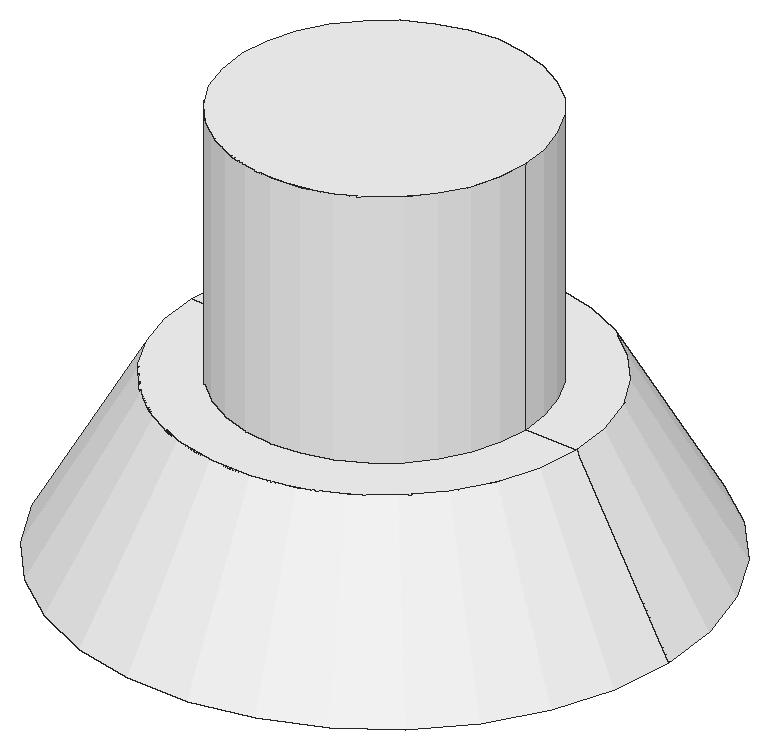
Revit family "EV_CONE 22_9372791", category Generic Models, Revit 2018
Family settings
  Can host rebar = No
  Round Connector Dimension = Use Diameter
  Part Type = Normal
  OmniClass Number = 35.51.14.00
  OmniClass Title = FORMWORK
  Work Plane-Based = Yes
  Always vertical = No
  Cut with Voids When Loaded = No
  Shared = Yes
  Room Calculation Point = No
Parameters
  VERSION = "20170217"  # constant formula
  URL = "www.ulmaconstruction.com/en"
  UNICLASS = ""
  Manufacturer = "ULMA CONSTRUCTION"  # constant formula
  ITEM_CODE = "9372791"
  FILTER [instance] = ""
  Default Elevation = 0.000 mm
  CLASSIFICATION_TITLE = ""
  CLASSIFICATION_NUMBER = ""
Reference planes
  plane 1 "Centro (Frontal/Posterior)": y = 0
  plane 2: z = 0
  plane 3 "Centro (Izquierda/Derecha)": x = 0
Forms (mm)
  Revolve 1, solid, material "ULMA PLASTIC", detail levels medium+fine
    sketch origin (0, 0, 0) x (1, 0, 0) y (0, 0, 1)
      loop
        line (21.528, 0) -> (14.6, 12) -> (0, 12) -> (0, 0) -> (21.528, 0)
      axis (0, 12) -> (0, 0)
    angle from 0 to 360
  Extrusion 2, solid, material "ULMA PLASTIC", detail levels medium+fine
    sketch origin (0, 0, 0) x (1, 0, 0) y (0, 1, 0)
      loop
        circle (0, 0) r 10.7
    from 12 to 30
Lines and regions (mm)
  model lines, style "ULMA CONSUMABLES", detail levels medium+fine
    curve 1: circle (0, 0, 0) r 10.4 normal (0, 0, 1)
    curve 2: circle (0, 0, 30) r 10.4 normal (0, 0, 1)
    curve 3: circle (0, 0, 0) r 10.4 normal (0, 0, 1)
Dimensions and locks
  aligned and locked: level to plane 2
